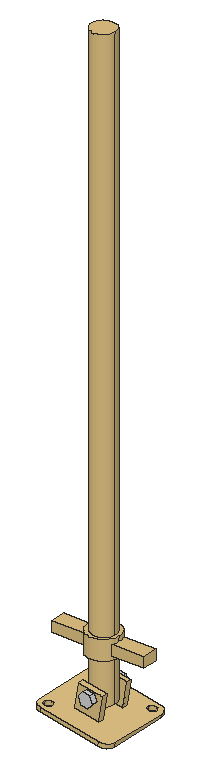
Revit family "AND_ADJUSTABLE SWIVEL BASE_2127766", category Generic Models, Revit 2018
Family settings
  Can host rebar = No
  Round Connector Dimension = Use Diameter
  Part Type = Normal
  OmniClass Number = 35.51.17.00
  OmniClass Title = SCAFFOLDING SHORING AND FENCING
  Work Plane-Based = Yes
  Always vertical = No
  Cut with Voids When Loaded = No
  Shared = Yes
  Room Calculation Point = No
Parameters (values of type "AND_ADJUSTABLE SWIVEL BASE_2127766")
  VERSION = "20170217"  # constant formula
  URL = "www.ulmaconstruction.com/en"
  UNICLASS = ""
  SCREW LENGTH [instance] = 200.000 mm
  Model = ""
  MIN EXTENSION = 151.000 mm
  MAX EXTENSION = 823.000 mm
  ITEM_CODE = "2127766"
  Manufacturer = "ULMA CONSTRUCTION"  # constant formula
  ITEM_SCREW_LENGTH [instance] = if(SCREW LENGTH < MIN EXTENSION, MIN EXTENSION, if(SCREW LENGTH > MAX EXTENSION, MAX EXTENSION, SCREW LENGTH))  # 200.000 mm
  FILTER [instance] = ""
  Default Elevation = 0.000 mm
  CLASSIFICATION_TITLE = ""
  CLASSIFICATION_NUMBER = ""
  ANGLE [instance] = 10.00°
Reference planes
  plane 1 "Centro (Frontal/Posterior)": y = 0
  plane 2: z = 0
  plane 3 "Centro (Izquierda/Derecha)": x = 0
  plane 4 "e": z = -200
  plane 5: z = -80
  plane 6 "SCREW LENGTH": z = -200
  plane 7 "EDGE": z = -167
Forms (mm)
  Extrusion 1, solid, material "ULMA BICHROMATE", detail levels fine
    sketch origin (-185.167, -1524, -200) x (-1, 0, 0) y (0, -1, 0)
      loop
        circle (-185.167, -1524) r 19
    from 18 to 1000
Lines and regions (mm)
  model lines, style "ULMA VERTICAL ITEMS", detail levels coarse+medium
    curve 1: line (0, 0, 0) -> (0, 0, -200)
  reference lines
    curve 2: line (0, 0, -167) -> (372.089, 0, -232.609)
    curve 3: line (24.503, 0, -28.036) -> (0, 0, -167)
  model lines, style "ULMA FRAME"
    curve 4: line (0, 0, 0) -> (0, 0, -200)
Dimensions and locks
  "ITEM_SCREW_LENGTH": plane 2 to plane 4 "e"
  "SCREW LENGTH": plane 2 to plane 6 "SCREW LENGTH"
  locked: plane 7 "EDGE" to plane 4 "e" at 33
  locked: Extrusion 1 to plane 4 "e" at 1000
  locked: plane 2 to plane 5 at 80
  locked: curve 2 to curve 3 (angle 90.00°)
  "ANGLE": angle curve 2 to plane 7 "EDGE"
  aligned and locked: level to plane 2
  aligned and locked: plane 3 "Centro (Izquierda/Derecha)" to curve 2
  aligned and locked: plane 7 "EDGE" to curve 3
  aligned and locked: curve 2 to nested 2
  aligned and locked: nested 2 to plane 1 "Centro (Frontal/Posterior)"
  aligned and locked: plane 5 to nested 1
Automatic sketch dimensions
  plane 1 "Centro (Frontal/Posterior)" to Extrusion 1 sketch curve = 0.000 mm
  Extrusion 1 sketch curve to plane 3 "Centro (Izquierda/Derecha)" = 0.000 mm
  curve 4 to level = 0.000 mm
  curve 4 to plane 3 "Centro (Izquierda/Derecha)" = 0.000 mm
  curve 1 to plane 4 "e" = 0.000 mm
  curve 1 to level = 0.000 mm
  radius of Extrusion 1 sketch curve = 19.000 mm
Nested families
  nested 1: "TUERCA HUSILLO D38 - 2535253_VERTICAL ITEMS" at (0, 0, -111.5), type "TUERCA HUSILLO D38 - 2535253"
  nested 2: "PLACA HUSILLO ORIENTABLE 1 m - 2127768_VERTICAL ITEMS" at (0, 0, -167) x (-0.9848, 0, 0.1736) z (0.1736, 0, 0.9848), type "PLACA HUSILLO ORIENTABLE 1 m"
Definition of nested family "TUERCA HUSILLO D38 - 2535253_VERTICAL ITEMS"
  Parameters (values of type "TUERCA HUSILLO D38 -2535253")
    VERSION = "20170217"  # constant formula
    Manufacturer = "ULMA CONSTRUCTION"  # constant formula
    Default Elevation = 1219.200 mm
  Reference planes
    plane 1 "Centro (Frontal/Posterior)": y = 0
    plane 2: z = 0
    plane 3 "Centro (Izquierda/Derecha)": x = 0
    plane 4: z = 0
    plane 5: z = 0
  Forms (mm)
    Extrusion 1, solid, detail levels fine
      sketch origin (0, 0, -419.5) x (1, 0, 0) y (0, 1, 0)
        loop
          circle (0, 0) r 25.75
        loop
          circle (0, 0) r 19
      from 419.5 to 451
    Extrusion 2, solid, detail levels fine
      sketch origin (4267.2, -253.247, 1000.765) x (0, -1, 0) y (1, 0, 0)
        loop
          line (-265.747, -4247.2) -> (-240.747, -4247.2) -> (-240.747, -4192.2) -> (-265.747, -4192.2) -> (-265.747, -4247.2)
        loop
          line (-265.747, -4342.2) -> (-240.747, -4342.2) -> (-240.747, -4287.2) -> (-265.747, -4287.2) -> (-265.747, -4342.2)
      from -993.265 to -976.765
  Cuts and joins
    joined: Extrusion 1, Extrusion 2
  Dimensions and locks
    locked: level to Extrusion 1 at 31.5
    locked: level to Extrusion 2 at 7.5
    aligned and locked: level to plane 2
    aligned and locked: plane 4 to plane 5
    aligned and locked: Extrusion 1 to level
Definition of nested family "PLACA HUSILLO ORIENTABLE 1 m - 2127768_VERTICAL ITEMS"
  Parameters (values of type "PLACA HUSILLO ORIENTABLE 1 m")
    VERSION = "20170217"  # constant formula
    Manufacturer = "ULMA CONSTRUCTION"  # constant formula
    Default Elevation = 0.000 mm
  Reference planes
    plane 1 "Centro (Frontal/Posterior)": y = 0
    plane 2: z = 0
    plane 3 "Centro (Izquierda/Derecha)": x = 0
    plane 4: z = 0
    plane 5: z = 0
  Forms (mm)
    Extrusion 1, solid, detail levels fine
      sketch origin (4267.2, -253.247, -277) x (0, -1, 0) y (1, 0, 0)
        loop
          line (-315.747, -4219.7) -> (-315.747, -4314.7)
          arc (-315.747, -4314.7) -> (-311.353, -4325.307) -> (-300.747, -4329.7) r 15
          line (-300.747, -4329.7) -> (-205.747, -4329.7)
          arc (-205.747, -4329.7) -> (-195.14, -4325.307) -> (-190.747, -4314.7) r 15
          line (-190.747, -4314.7) -> (-190.747, -4219.7)
          arc (-190.747, -4219.7) -> (-195.14, -4209.093) -> (-205.747, -4204.7) r 15
          line (-205.747, -4204.7) -> (-300.747, -4204.7)
          arc (-300.747, -4204.7) -> (-311.353, -4209.093) -> (-315.747, -4219.7) r 15
        loop
          circle (-300.747, -4314.7) r 7
        loop
          circle (-205.747, -4219.7) r 7
      from 244 to 250
    Extrusion 2, solid, detail levels fine
      sketch origin (4267.2, -253.247, 967) x (0, -1, 0) y (1, 0, 0)
        loop
          line (-281.247, -4287.2) -> (-273.247, -4287.2) -> (-273.247, -4247.2) -> (-281.247, -4247.2) -> (-281.247, -4287.2)
        loop
          line (-233.247, -4287.2) -> (-225.247, -4287.2) -> (-225.247, -4247.2) -> (-233.247, -4247.2) -> (-233.247, -4287.2)
      from -994 to -954
    Extrusion 3, solid, detail levels fine
      sketch origin (0, 0, -33) x (1, 0, 0) y (0, 0, 1)
        loop
          circle (0, 33) r 6
      from -37.5 to 28.5
    Extrusion 4, solid, detail levels fine
      sketch origin (0, 0, -33) x (1, 0, 0) y (0, 0, 1)
        loop
          line (5.785, 43.02) -> (-5.785, 43.02) -> (-11.57, 33) -> (-5.785, 22.98) -> (5.785, 22.98) -> (11.57, 33) -> (5.785, 43.02)
      from 28.5 to 36.5
    Extrusion 5, solid, detail levels fine
      sketch origin (0, 64.5, -33) x (1, 0, 0) y (0, 0, 1)
        loop
          line (5.785, 43.02) -> (-5.785, 43.02) -> (-11.57, 33) -> (-5.785, 22.98) -> (5.785, 22.98) -> (11.57, 33) -> (5.785, 43.02)
      from 28.5 to 36.5
  Lines and regions (mm)
    model lines, detail levels medium
      curve 1: arc (-47.5, 62.5, -33) -> (-58.107, 58.107, -33) -> (-62.5, 47.5, -33) r 15
      curve 2: line (47.5, 62.5, -33) -> (-47.5, 62.5, -33)
      curve 3: arc (62.5, 47.5, -33) -> (58.107, 58.107, -33) -> (47.5, 62.5, -33) r 15
      curve 4: line (62.5, -47.5, -33) -> (62.5, 47.5, -33)
      curve 5: arc (47.5, -62.5, -33) -> (58.107, -58.107, -33) -> (62.5, -47.5, -33) r 15
      curve 6: line (-47.5, -62.5, -33) -> (47.5, -62.5, -33)
      curve 7: arc (-62.5, -47.5, -33) -> (-58.107, -58.107, -33) -> (-47.5, -62.5, -33) r 15
      curve 8: line (-62.5, 47.5, -33) -> (-62.5, -47.5, -33)
      curve 9: arc (-40.5, 47.5, -33) -> (-47.5, 40.5, -33) -> (-54.5, 47.5, -33) r 7
      curve 10: arc (-54.5, 47.5, -33) -> (-47.5, 54.5, -33) -> (-40.5, 47.5, -33) r 7
      curve 11: arc (40.5, -47.5, -33) -> (47.5, -40.5, -33) -> (54.5, -47.5, -33) r 7
      curve 12: arc (54.5, -47.5, -33) -> (47.5, -54.5, -33) -> (40.5, -47.5, -33) r 7
  Dimensions and locks
    aligned and locked: level to plane 2
    aligned and locked: plane 4 to plane 5
    aligned and locked: Extrusion 2 to Extrusion 1
